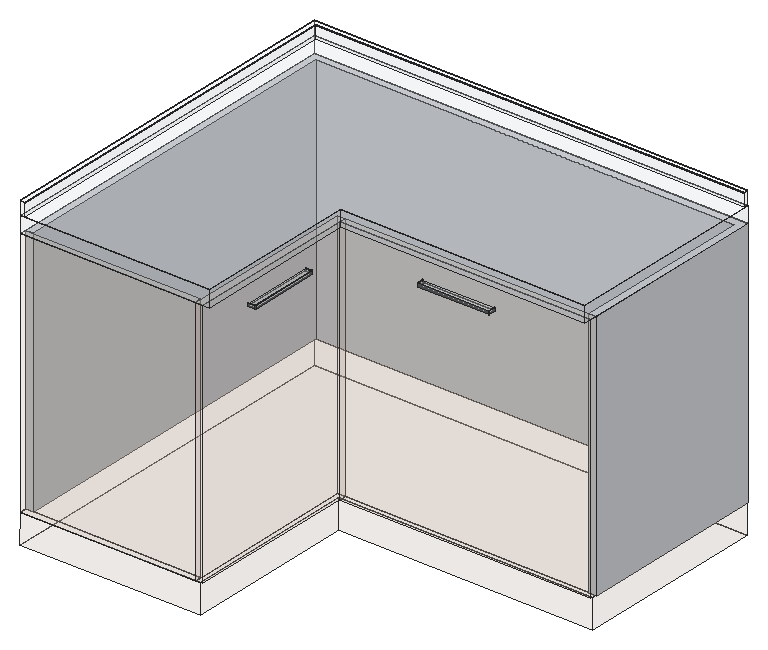
Revit family
Parameters (values of type "1120 x 1320 x 900mm")
  Top Material = 엔지니어스톤
  Material = 지정칼라H/G도장마감
  Keynote = "N10"
  Handle Material = 엔지니어스톤
  Description = "Corner"
  Depth = 1120 mm
  Height = 900 mm
  Width = 1320 mm
  Assembly Code = "C1030400"
Types (3, lengths in mm): name | Top Material | Material | Handle Material | Depth | Height | Width
  1120 x 1320 x 862mm | 엔지니어스톤 | 지정칼라H/G도장마감 | 엔지니어스톤 | 1120 | 862 | 1320
  931 x 931 x 900mm | none | none | none | 931 | 900 | 931
  1120 x 1320 x 900mm | 엔지니어스톤 | 지정칼라H/G도장마감 | 엔지니어스톤 | 1120 | 900 | 1320
Reference planes
  plane 1 "Back": y = 0
  plane 2: z = 0
  plane 3 "Center (Left/Right)": x = 44.7
  plane 4 "Front": y = -1120
  plane 5 "Left": x = -615.3
  plane 6 "Right": x = 704.7
  plane 7 "Top": z = 900
  plane 8: z = 90
  plane 9: z = 850
  plane 10: y = -622
  plane 11: x = -37.3
Forms (mm)
  Extrusion 1, solid
    sketch origin (0, 0, 0) x (1, 0, 0) y (0, 1, 0)
      loop
        line (-615.3, 0) -> (-615.3, -1098) -> (-593.3, -1098) -> (-593.3, -22) -> (682.7, -22) -> (682.7, -578) -> (704.7, -578) -> (704.7, 0) -> (-615.3, 0)
    from 90 to 850
  Extrusion 2, solid, material "지정칼라H/G도장마감" <- "Material"
    sketch origin (0, -20, 0) x (1, 0, 0) y (0, 1, 0)
      loop
        line (-615.3, -1100) -> (-82.3, -1100) -> (-82.3, -1078) -> (-615.3, -1078) -> (-615.3, -1100)
    from 90 to 850
  Extrusion 3, solid, material "엔지니어스톤" <- "Top Material"
    sketch origin (0, 0, 900) x (0, -1, 0) y (-1, 0, 0)
      loop
        line (0, 615.3) -> (0, -704.7) -> (622, -704.7) -> (622, 37.3) -> (1120, 37.3) -> (1120, 615.3) -> (0, 615.3)
    from 0 to 50
  Extrusion 4, solid, material "지정칼라H/G도장마감" <- "Material"
    sketch origin (0, 0, 900) x (0, -1, 0) y (-1, 0, 0)
      loop
        line (0.534, 615.3) -> (0.534, -704.7) -> (592, -704.7) -> (592, 67.3) -> (1120, 67.3) -> (1120, 615.3) -> (0.534, 615.3)
    from 810 to 900
  Sweep 5, solid, material "엔지니어스톤" <- "Top Material"
    path origin (0, 0, 900) x (0, -1, 0) y (1, 0, 0)
      loop
        line (0, 704.7) -> (0, -615.3) -> (1120, -615.3)
    profile origin (44.7, 0, 0) x (0, -1, 0) y (0, 0, 1)
      loop
        line (0, 900) -> (15, 900) -> (15, 938)
        arc (15, 938) -> (14.414, 939.414) -> (13, 940) r 2
        line (13, 940) -> (1.504, 940) -> (1.504, 942.003) -> (0, 942.003) -> (0, 900)
  Extrusion 6, solid, material "지정칼라H/G도장마감" <- "Material"
    sketch origin (309, 311, 0) x (1, 0, 0) y (0, 1, 0)
      loop
        line (-368.3, -911) -> (395.7, -911) -> (395.7, -889) -> (-368.3, -889) -> (-368.3, -911)
    from 90 to 850
  Extrusion 7, solid, material "지정칼라H/G도장마감" <- "Material"
    sketch origin (-753.8, -729.8, 0) x (0, -1, 0) y (1, 0, 0)
      loop
        line (-151.8, 694.5) -> (-151.8, 672.5) -> (390.2, 672.5) -> (390.2, 694.5) -> (-151.8, 694.5)
    from 90 to 850
Dimensions and locks
  "Width": plane 6 "Right" to plane 5 "Left"
  equal spacing: plane 6 "Right", plane 3 "Center (Left/Right)", plane 5 "Left"
  "Depth": plane 4 "Front" to plane 1 "Back"
  "Height": level to plane 7 "Top"
  locked: Extrusion 1 sketch curve to Extrusion 1 sketch curve at 22  (x3)
  locked: plane 8 to level at 90
  locked: plane 7 "Top" to plane 9 at 50
  plane 5 "Left" to plane 6 "Right" = 1320 mm
  plane 5 "Left" to plane 11 = 578 mm
  locked: plane 10 to plane 1 "Back" at 622
  equal spacing: Extrusion 7, nested 1, Extrusion 3
  plane 4 "Front" to nested 2 to Extrusion 6 = 258 mm, 262 mm
  nested 1 to level = 799.2 mm
  aligned and locked: Extrusion 1 sketch curve to plane 6 "Right"
  aligned and locked: plane 1 "Back" to Extrusion 1 sketch curve
  aligned and locked: Extrusion 1 sketch curve to plane 5 "Left"
  aligned and locked: Extrusion 2 to plane 9
  aligned and locked: Extrusion 1 to plane 9
  aligned and locked: plane 8 to Extrusion 2
  aligned and locked: plane 8 to Extrusion 1
  aligned and locked: Extrusion 4 to Extrusion 1
  aligned and locked: nested 1 to nested 2
Automatic sketch dimensions
  Sweep 5 sketch curve to plane 6 "Right" = 0 mm
  Sweep 5 sketch curve to profile plane = 0 mm  (x2)
  Sweep 5 sketch curve to profile plane = 1.504 mm
  Sweep 5 sketch curve to Sweep 5 sketch curve = 11.496 mm
  Sweep 5 sketch curve to profile plane = 15 mm
  profile plane to Sweep 5 sketch curve = 38 mm
  Sweep 5 sketch curve to Sweep 5 sketch curve = 2.003 mm
  Extrusion 6 sketch curve to plane 10 = 44 mm
  plane 11 to Extrusion 6 sketch curve = 22 mm
  Extrusion 6 sketch curve to plane 6 "Right" = 0 mm
  Extrusion 6 sketch curve to plane 10 = 22 mm
  Extrusion 1 sketch curve to plane 10 = 44 mm
  Extrusion 1 sketch curve to plane 4 "Front" = 22 mm
  plane 11 to Extrusion 7 sketch curve = 22 mm
  Extrusion 7 sketch curve to plane 10 = 44 mm
  Extrusion 7 sketch curve to plane 4 "Front" = 0 mm
  plane 11 to Extrusion 7 sketch curve = 44 mm
  Extrusion 4 sketch curve to plane 5 "Left" = 0 mm
  Extrusion 4 sketch curve to plane 6 "Right" = 0 mm
  Extrusion 4 sketch curve to plane 4 "Front" = 0 mm
  Extrusion 4 sketch curve to plane 10 = 30 mm
  plane 1 "Back" to Extrusion 4 sketch curve = 0.534 mm
  plane 11 to Extrusion 4 sketch curve = 30 mm
  Extrusion 3 sketch curve to plane 1 "Back" = 0 mm
  Extrusion 3 sketch curve to plane 10 = 0 mm
  Extrusion 3 sketch curve to plane 4 "Front" = 0 mm
  Extrusion 3 sketch curve to plane 5 "Left" = 0 mm
  Extrusion 3 sketch curve to plane 11 = 0 mm
  Extrusion 3 sketch curve to plane 6 "Right" = 0 mm
  Extrusion 2 sketch curve to plane 5 "Left" = 0 mm
  Extrusion 2 sketch curve to plane 4 "Front" = 0 mm
  Extrusion 2 sketch curve to plane 4 "Front" = 22 mm
  plane 11 to Extrusion 2 sketch curve = 45 mm
  Sweep 5 sketch curve to plane 1 "Back" = 0 mm
  Sweep 5 sketch curve to plane 4 "Front" = 0 mm
  Sweep 5 sketch curve to plane 5 "Left" = 0 mm
Nested families
  nested 1: "Casework Handle" at (597.577, -645.5, 787.2), type "220 x 23mm"
  nested 2: "Casework Handle" at (-17.3, -587.123, 787.2) x (0, 1, 0) z (0, 0, 1), type "220 x 23mm"
Definition of nested family "Casework Handle"
  Parameters (values of type "220 x 23mm")
    Material = none
  Reference planes
    plane 1 "Center (Front/Back)": y = 0
    plane 2: z = 0
    plane 3 "Center (Left/Right)": x = -274.877
    plane 4: x = -384.877
    plane 5: x = -164.877
    plane 6: y = 23
    plane 7: z = 12
  Forms (mm)
    Sweep 1, solid, material <- "Material"
      path origin (0, 0, 0) x (1, 0, 0) y (0, 1, 0)
        loop
          line (-384.877, 23) -> (-384.877, 2.5)
          arc (-384.877, 2.5) -> (-384.145, 0.732) -> (-382.377, 0) r 2.5
          line (-382.377, 0) -> (-167.377, 0)
          arc (-167.377, 0) -> (-165.609, 0.732) -> (-164.877, 2.5) r 2.5
          line (-164.877, 2.5) -> (-164.877, 23)
      profile origin (0, 12.75, 0) x (1, 0, 0) y (0, 0, 1)
        loop
          line (-384.877, 0) -> (-382.877, 0) -> (-382.877, 12) -> (-384.877, 12) -> (-384.877, 0)
    Extrusion 2, solid, material <- "Material"
      sketch origin (0, 0, 0) x (1, 0, 0) y (0, 1, 0)
        loop
          arc (-382.877, 2.5) -> (-382.731, 2.146) -> (-382.377, 2) r 0.5
          line (-382.377, 2) -> (-167.377, 2)
          arc (-167.377, 2) -> (-167.023, 2.146) -> (-166.877, 2.5) r 0.5
          line (-166.877, 2.5) -> (-166.877, 23) -> (-382.877, 23) -> (-382.877, 2.5)
      from 2.765 to 9.254
  Dimensions and locks
    equal spacing: plane 4, plane 3 "Center (Left/Right)", plane 5
